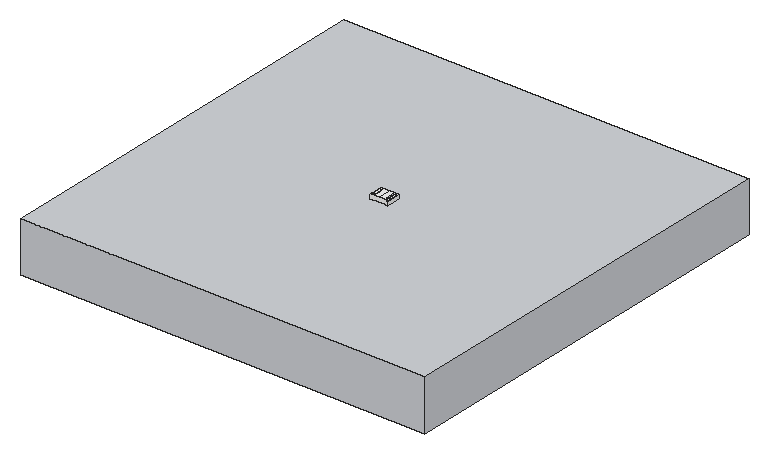
Revit family "Módulo de 32 salidas para información_Aguilera Electronica", category Dispositivos de alarma de incendios, Revit 2017
Family settings
  Anfitrión = Cara
  Mantener orientación de anotación = Sí
  Cota de conector redondo = Diámetro de uso
  Tipo de pieza = Normal
  Número OmniClass = 23.85.30.21
  Título OmniClass = Environmental Detection/Registration
  Corte con vacíos al cargar = No
  Compartido = No
  Punto de cálculo de habitación = No
Parameters (values of type "Módulo de 32 salidas para información")
  URL = "http://aguilera.es/?productos=modulo-de-32-salidas-para-informacion"
  Símbolo texto modelo = yes
  Símbolo = yes
  Modelo = "AE/SA-32S"
  Fabricante = "Aguilera Electrónica"  # constant formula
  Elevación por defecto = 1200 mm
  Diámetro tubo = 20 mm
  Descripción = "Unidad microprocesada direccionable fabricada por AGUILERA ELECTRÓNICA que gestiona y presenta información de la instalación en 32 salidas. Especial para configurar sinópticos, repetidores y cuadros de maniobras.\r\n• Salida de la información por conector.\r\n• Provisto de autoaislador que le aísla del resto de la instalación en caso de cortocircuito en su interior.\r\n• Alimentación: entre 18 y 27 Vcc.\r\n• Consumo: 1 mA.\r\n• Conexión a 2 hilos con clemas extraíbles.\r\n• Montado en caja de ABS de 105 x 82 x 25mm."
  Type Comments = ""
Reference planes
  plane 1 "Centro (Frontal/Posterior)": y = 0
  plane 2: z = 0
  plane 3 "Centro (Izquierda/Derecha)": x = 0
Forms (mm)
  Extrusion 1, solid
    sketch origin (0, 0, 0) x (1, 0, 0) y (0, 1, 0)
      loop
        line (-1219.2, 1219.2) -> (-1219.2, -1219.2) -> (1219.2, -1219.2) -> (1219.2, 1219.2) -> (-1219.2, 1219.2)
    from 0 to -304.8
  Extrusion 2, solid, material "ABS blanco"
    sketch origin (247.5, 0, 0) x (1, 0, 0) y (0, 0, 1)
      loop
        line (-300, 0) -> (-285, 0)
        arc (-285, 0) -> (-282.824, 1.248) -> (-280.468, 2.113) r 14.863
        line (-280.468, 2.113) -> (-247.5, 2.113) -> (-214.532, 2.113)
        arc (-214.532, 2.113) -> (-212.176, 1.248) -> (-210, 0) r 14.863
        line (-210, 0) -> (-195, 0) -> (-195, 18.612)
        arc (-195, 18.612) -> (-196.871, 23.129) -> (-201.388, 25) r 6.388
        line (-201.388, 25) -> (-247.5, 25) -> (-293.612, 25)
        arc (-293.612, 25) -> (-298.129, 23.129) -> (-300, 18.612) r 6.388
        line (-300, 18.612) -> (-300, 0)
    from -41 to 41
  Extrusion 3, void
    sketch origin (0, 0, 0) x (1, 0, 0) y (0, 1, 0)
      loop
        line (-52.5, 24.796) -> (-52.5, 23.627) -> (-34.278, 23.627) -> (-34.278, -23.627) -> (-52.5, -23.627) -> (-52.5, -24.796) -> (-32.968, -24.796) -> (-32.968, 24.796) -> (-52.5, 24.796)
      loop
        line (52.5, 24.796) -> (32.968, 24.796) -> (32.968, -24.796) -> (52.5, -24.796) -> (52.5, -23.627) -> (34.278, -23.627) -> (34.278, 23.627) -> (52.5, 23.627) -> (52.5, 24.796)
    from 21.624 to 25
  Extrusion 4, void
    sketch origin (0, 0, 0) x (1, 0, 0) y (0, 1, 0)
      loop
        line (49.644, -23.627) -> (52.5, -23.627) -> (52.5, 23.625) -> (49.644, 23.625) -> (49.644, -23.627)
      loop
        line (-49.644, -23.627) -> (-49.644, 23.625) -> (-52.5, 23.625) -> (-52.5, -23.627) -> (-49.644, -23.627)
    from 16.621 to 21.624
  Extrusion 5, solid, material "Negro", detail levels fine
    sketch origin (0, -1.378, 0) x (0, 1, 0) y (0, 0, 1)
      loop
        circle (0, 18.881) r 1.163
    from 49.644 to 51.745
  Extrusion 6, solid, material "Negro", detail levels fine
    sketch origin (0, -4.138, 0) x (0, 1, 0) y (0, 0, 1)
      loop
        circle (0, 18.881) r 1.163
    from 49.644 to 51.745
  Extrusion 7, solid, material "Negro", detail levels fine
    sketch origin (0, -6.897, 0) x (0, 1, 0) y (0, 0, 1)
      loop
        circle (0, 18.881) r 1.163
    from 49.644 to 51.745
  Extrusion 8, solid, material "Negro", detail levels fine
    sketch origin (0, -9.656, 0) x (0, 1, 0) y (0, 0, 1)
      loop
        circle (0, 18.881) r 1.163
    from 49.644 to 51.745
  Extrusion 9, solid, material "Negro", detail levels fine
    sketch origin (0, -12.416, 0) x (0, 1, 0) y (0, 0, 1)
      loop
        circle (0, 18.881) r 1.163
    from 49.644 to 51.745
  Extrusion 10, solid, material "Negro", detail levels fine
    sketch origin (0, -15.175, 0) x (0, 1, 0) y (0, 0, 1)
      loop
        circle (0, 18.881) r 1.163
    from 49.644 to 51.745
  Extrusion 11, solid, material "Negro", detail levels fine
    sketch origin (0, -17.935, 0) x (0, 1, 0) y (0, 0, 1)
      loop
        circle (0, 18.881) r 1.163
    from 49.644 to 51.745
  Extrusion 12, solid, material "Negro", detail levels fine
    sketch origin (0, -20.694, 0) x (0, 1, 0) y (0, 0, 1)
      loop
        circle (0, 18.881) r 1.163
    from 49.644 to 51.745
  Extrusion 13, solid, material "Negro", detail levels fine
    sketch origin (0, 1.378, 0) x (0, -1, 0) y (0, 0, -1)
      loop
        circle (0, -18.881) r 1.163
    from 49.644 to 51.745
  Extrusion 14, solid, material "Negro", detail levels fine
    sketch origin (0, 4.138, 0) x (0, -1, 0) y (0, 0, -1)
      loop
        circle (0, -18.881) r 1.163
    from 49.644 to 51.745
  Extrusion 15, solid, material "Negro", detail levels fine
    sketch origin (0, 6.897, 0) x (0, -1, 0) y (0, 0, -1)
      loop
        circle (0, -18.881) r 1.163
    from 49.644 to 51.745
  Extrusion 16, solid, material "Negro", detail levels fine
    sketch origin (0, 9.656, 0) x (0, -1, 0) y (0, 0, -1)
      loop
        circle (0, -18.881) r 1.163
    from 49.644 to 51.745
  Extrusion 17, solid, material "Negro", detail levels fine
    sketch origin (0, 12.416, 0) x (0, -1, 0) y (0, 0, -1)
      loop
        circle (0, -18.881) r 1.163
    from 49.644 to 51.745
  Extrusion 18, solid, material "Negro", detail levels fine
    sketch origin (0, 15.175, 0) x (0, -1, 0) y (0, 0, -1)
      loop
        circle (0, -18.881) r 1.163
    from 49.644 to 51.745
  Extrusion 19, solid, material "Negro", detail levels fine
    sketch origin (0, 17.935, 0) x (0, -1, 0) y (0, 0, -1)
      loop
        circle (0, -18.881) r 1.163
    from 49.644 to 51.745
  Extrusion 20, solid, material "Negro", detail levels fine
    sketch origin (0, 20.694, 0) x (0, -1, 0) y (0, 0, -1)
      loop
        circle (0, -18.881) r 1.163
    from 49.644 to 51.745
  Extrusion 21, solid, material "Negro", detail levels fine
    sketch origin (0, -1.378, 0) x (0, 1, 0) y (0, 0, -1)
      loop
        circle (0, -18.881) r 1.163
    from 49.644 to 51.745
  Extrusion 22, solid, material "Negro", detail levels fine
    sketch origin (0, -4.138, 0) x (0, 1, 0) y (0, 0, -1)
      loop
        circle (0, -18.881) r 1.163
    from 49.644 to 51.745
  Extrusion 23, solid, material "Negro", detail levels fine
    sketch origin (0, -6.897, 0) x (0, 1, 0) y (0, 0, -1)
      loop
        circle (0, -18.881) r 1.163
    from 49.644 to 51.745
  Extrusion 24, solid, material "Negro", detail levels fine
    sketch origin (0, -9.656, 0) x (0, 1, 0) y (0, 0, -1)
      loop
        circle (0, -18.881) r 1.163
    from 49.644 to 51.745
  Extrusion 25, solid, material "Negro", detail levels fine
    sketch origin (0, -12.416, 0) x (0, 1, 0) y (0, 0, -1)
      loop
        circle (0, -18.881) r 1.163
    from 49.644 to 51.745
  Extrusion 26, solid, material "Negro", detail levels fine
    sketch origin (0, -15.175, 0) x (0, 1, 0) y (0, 0, -1)
      loop
        circle (0, -18.881) r 1.163
    from 49.644 to 51.745
  Extrusion 27, solid, material "Negro", detail levels fine
    sketch origin (0, -17.935, 0) x (0, 1, 0) y (0, 0, -1)
      loop
        circle (0, -18.881) r 1.163
    from 49.644 to 51.745
  Extrusion 28, solid, material "Negro", detail levels fine
    sketch origin (0, -20.694, 0) x (0, 1, 0) y (0, 0, -1)
      loop
        circle (0, -18.881) r 1.163
    from 49.644 to 51.745
  Extrusion 29, solid, material "Negro", detail levels fine
    sketch origin (0, 1.378, 0) x (0, -1, 0) y (0, 0, 1)
      loop
        circle (0, 18.881) r 1.163
    from 49.644 to 51.745
  Extrusion 30, solid, material "Negro", detail levels fine
    sketch origin (0, 4.138, 0) x (0, -1, 0) y (0, 0, 1)
      loop
        circle (0, 18.881) r 1.163
    from 49.644 to 51.745
  Extrusion 31, solid, material "Negro", detail levels fine
    sketch origin (0, 6.897, 0) x (0, -1, 0) y (0, 0, 1)
      loop
        circle (0, 18.881) r 1.163
    from 49.644 to 51.745
  Extrusion 32, solid, material "Negro", detail levels fine
    sketch origin (0, 9.656, 0) x (0, -1, 0) y (0, 0, 1)
      loop
        circle (0, 18.881) r 1.163
    from 49.644 to 51.745
  Extrusion 33, solid, material "Negro", detail levels fine
    sketch origin (0, 12.416, 0) x (0, -1, 0) y (0, 0, 1)
      loop
        circle (0, 18.881) r 1.163
    from 49.644 to 51.745
  Extrusion 34, solid, material "Negro", detail levels fine
    sketch origin (0, 15.175, 0) x (0, -1, 0) y (0, 0, 1)
      loop
        circle (0, 18.881) r 1.163
    from 49.644 to 51.745
  Extrusion 35, solid, material "Negro", detail levels fine
    sketch origin (0, 17.935, 0) x (0, -1, 0) y (0, 0, 1)
      loop
        circle (0, 18.881) r 1.163
    from 49.644 to 51.745
  Extrusion 36, solid, material "Negro", detail levels fine
    sketch origin (0, 20.694, 0) x (0, -1, 0) y (0, 0, 1)
      loop
        circle (0, 18.881) r 1.163
    from 49.644 to 51.745
Cuts and joins
  Extrusion 3, Extrusion 4 cuts Extrusion 2
Dimensions and locks
  aligned and locked: plane 2 to Extrusion 1
  aligned and locked: level to Extrusion 1
  aligned and locked: Extrusion 2 to Extrusion 3
  aligned and locked: Extrusion 4 to Extrusion 3
  aligned and locked: cut or joined group of Extrusion 2, Extrusion 3, Extrusion 4 to Extrusion 5  (x2)
Nested families
  nested 1: "S_Módulo de 32 salidas para información_Aguilera Electronica" at (0, 0, 0), visible <- "Símbolo", type "S_Módulo de 32 salidas para información_Aguilera Electronica"
Connectors
  cabletrayconduit at (-16.484, 0, 2.113), diameter 20, driven by "Diámetro tubo", driven by "Modelo"
    settings: on cut or joined group of Extrusion 2, Extrusion 3, Extrusion 4, index 1, connector width 300 mm, connector height 300 mm, connector angle 0.00°, system type 32, placement type 0, profile type 0, connector reference index -1, is primary connector yes, connector utility param no, connector description "AE/SA-32S"
Definition of nested family "S_Módulo de 32 salidas para información_Aguilera Electronica"
  Parameters (values of type "S_Módulo de 32 salidas para información_Aguilera Electronica")
    Texto símbolo = "Módulo 32S"
    Texto modelo = yes
    Modelo = "Módulo 32S"
  Reference planes
    plane 1: y = 0
    plane 2: x = 0
  Lines and regions (mm)
    detail lines
      curve 1: line (-3.358, -2.749, 0) -> (3.358, -2.749, 0)
      curve 2: line (-3.358, 2.749, 0) -> (-3.358, -2.749, 0)
      curve 3: line (3.358, 2.749, 0) -> (-3.358, 2.749, 0)
      curve 4: line (3.358, -2.749, 0) -> (3.358, 2.749, 0)
  Text (mm)
    label "Texto símbolo" at (0.015, 1.109, 0), shows "Texto símbolo"
    label "Modelo" at (0.015, -1.385, 0), shows "Modelo", visible <- "Texto modelo"
